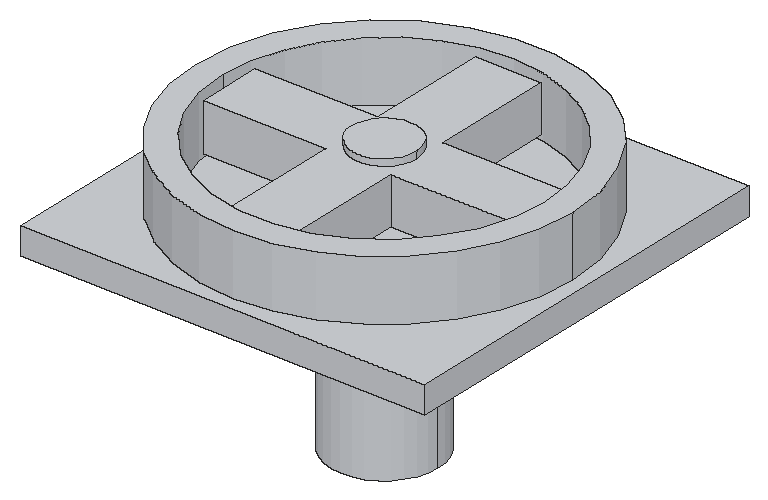
Revit family "e559647c8d6545bbb93ac4b77a7c281e", category Mechanical Equipment, host Face, Revit 2021
Family settings
  Host = Face
  Round Connector Dimension = Use Diameter
  Part Type = Normal
  OmniClass Number = 23.75.35.17
  OmniClass Title = Fans
  Seek Item ID = Propeller Fan-0000-USA-ENU
  Cut with Voids When Loaded = No
  Shared = No
  Room Calculation Point = No
Parameters (values of type "3400 CFM")
  Width 1 = 1' - 4"
  Voltage = 120 V
  Stem Radius = Stem Diameter / 2  # 0' - 2.4"
  Stem Diameter = Fan Diameter / 5  # 0' - 4.8"
  Load Classification = Cooling
  External Static Pressure [instance] = 0.25 in-wg
  Number of Poles = 1
  Motor Diameter = Fan Diameter / 3  # 0' - 8"
  Motor Radius = Motor Diameter / 2  # 0' - 4"
  Half Length = Frame Length / 2  # 1' - 3"
  Half Blade Length = Blade Length / 2  # 0' - 2.4"
  Frame Thickness = 0' - 2"
  Frame Length = 2' - 6"
  Frame Height = Frame Length  # 2' - 6"
  Fan Thickness = 0' - 4 1/2"
  Fan Radius = Fan Diameter / 2  # 1' - 0"
  Fan Material = none
  Fan Diameter = 2' - 0"
  Duct Width = Frame Length  # 30"
  Duct Height = Frame Height  # 30"
  Default Elevation = 4' - 0"
  Blade Length = Stem Diameter  # 0' - 4.8"
  Blade Height = Fan Diameter / 2 - 0' 0 1/2"  # 0' - 11 1/2"
  Apparent Load = 311 VA
  Air Flow [instance] = 3400 CFM
Types (8): name | Width 1 | Stem Radius | Stem Diameter | Motor Diameter | Motor Radius | Half Length | Half Blade Length | Frame Thickness | Frame Length | Frame Height | Fan Thickness | Fan Radius | Fan Diameter | Duct Width | Duct Height | Blade Length | Blade Height | Apparent Load | Air Flow
  (no name) | 1' - 4" | 0' - 2.4" | 0' - 4.8" | 0' - 8" | 0' - 4" | 1' - 3" | 0' - 2.4" | 0' - 2" | 2' - 6" | 2' - 6" | 0' - 4 1/2" | 1' - 0" | 2' - 0" | 30" | 30" | 0' - 4.8" | 0' - 11 1/2" | 311 VA | 3400 CFM
  3400 CFM | 1' - 4" | 0' - 2.4" | 0' - 4.8" | 0' - 8" | 0' - 4" | 1' - 3" | 0' - 2.4" | 0' - 2" | 2' - 6" | 2' - 6" | 0' - 4 1/2" | 1' - 0" | 2' - 0" | 30" | 30" | 0' - 4.8" | 0' - 11 1/2" | 311 VA | 3400 CFM
  5600 CFM | 1' - 6" | 0' - 3" | 0' - 6" | 0' - 10" | 0' - 5" | 1' - 6" | 0' - 3" | 0' - 2" | 3' - 0" | 3' - 0" | 0' - 4 3/4" | 1' - 3" | 2' - 6" | 36" | 36" | 0' - 6" | 1' - 2 1/2" | 466 VA | 5600 CFM
  10200 CFM | 2' - 1" | 0' - 3.6" | 0' - 7.2" | 1' - 0" | 0' - 6" | 1' - 9" | 0' - 3.6" | 0' - 2" | 3' - 6" | 3' - 6" | 0' - 4 1/2" | 1' - 6" | 3' - 0" | 42" | 42" | 0' - 7.2" | 1' - 5 1/2" | 933 VA | 10200 CFM
  14100 CFM | 2' - 1" | 0' - 4.2" | 0' - 8.4" | 1' - 2" | 0' - 7" | 2' - 0" | 0' - 4.2" | 0' - 2" | 4' - 0" | 4' - 0" | 0' - 4 3/4" | 1' - 9" | 3' - 6" | 48" | 48" | 0' - 8.4" | 1' - 8 1/2" | 1399 VA | 14100 CFM
  23400 CFM | 2' - 1" | 0' - 4.8" | 0' - 9.6" | 1' - 4" | 0' - 8" | 2' - 3" | 0' - 4.8" | 0' - 2 3/4" | 4' - 6" | 4' - 6" | 0' - 5 3/4" | 2' - 0" | 4' - 0" | 54" | 54" | 0' - 9.6" | 1' - 11 1/2" | 2798 VA | 23400 CFM
  33200 CFM | 2' - 1" | 0' - 5.4" | 0' - 10.8" | 1' - 6" | 0' - 9" | 2' - 6" | 0' - 5.4" | 0' - 2 3/4" | 5' - 0" | 5' - 0" | 0' - 5 3/4" | 2' - 3" | 4' - 6" | 60" | 60" | 0' - 10.8" | 2' - 2 1/2" | 4663 VA | 33200 CFM
  43900 CFM | 2' - 1" | 0' - 6" | 1' - 0" | 1' - 8" | 0' - 10" | 2' - 9" | 0' - 6" | 0' - 2 3/4" | 5' - 6" | 5' - 6" | 0' - 5 3/4" | 2' - 6" | 5' - 0" | 66" | 66" | 1' - 0" | 2' - 5 1/2" | 6994 VA | 43900 CFM
Reference planes (in)
  plane 1 "Center (Front/Back)": y = 0
  plane 2: z = 0
  plane 3 "Center (Left/Right)": x = 0
  plane 4: x = -15
  plane 5: x = 15
  plane 6: y = 30
  plane 7: z = -2
  plane 8: y = 15
  plane 9: z = 4.5
  plane 10: x = -2.4
  plane 11: x = 2.4
  plane 12: y = 26.5
  plane 13: y = 3.5
  plane 14: x = -11.5
  plane 15: x = 11.5
  plane 16: y = 17.4
  plane 17: y = 12.6
  plane 18: z = 4
  plane 19: z = 0.5
  plane 20: z = -16
  plane 21: z = -3
Forms (in)
  Extrusion 1, void
    sketch origin (0, 0, 0) x (1, 0, 0) y (0, 1, 0)
      loop
        line (-15, 0) -> (15, 0) -> (15, 30) -> (-15, 30) -> (-15, 0)
    from 0 to -2
  Extrusion 2, void
    sketch origin (0, 0, 0) x (1, 0, 0) y (0, 1, 0)
      loop
        circle (0, 15) r 12
    from 0 to 4.5
  Extrusion 3, solid, material <- "Fan Material"
    sketch origin (0, 0, 0) x (1, 0, 0) y (0, 1, 0)
      loop
        circle (0, 15) r 14
    from 0 to 4.5
  Extrusion 4, solid, material <- "Fan Material"
    sketch origin (0, 0, 0) x (1, 0, 0) y (0, 1, 0)
      loop
        line (2.4, 26.5) -> (-2.4, 26.5) -> (-2.4, 17.4) -> (-11.5, 17.4) -> (-11.5, 12.6) -> (-2.4, 12.6) -> (-2.4, 3.5) -> (2.4, 3.5) -> (2.4, 12.6) -> (11.5, 12.6) -> (11.5, 17.4) -> (2.4, 17.4) -> (2.4, 26.5)
    from 0.5 to 4
  Extrusion 5, solid, material <- "Fan Material"
    sketch origin (0, 0, 0) x (1, 0, 0) y (0, 1, 0)
      loop
        circle (0, 15) r 2.4
    from 4.5 to -3
  Extrusion 6, solid, material <- "Fan Material"
    sketch origin (0, 0, 0) x (1, 0, 0) y (0, 1, 0)
      loop
        circle (0, 15) r 4
    from -3 to -16
  Extrusion 7, solid, material <- "Fan Material"
    sketch origin (0, 0, 0) x (1, 0, 0) y (0, 1, 0)
      loop
        line (-15, 0) -> (15, 0) -> (15, 30) -> (-15, 30) -> (-15, 0)
    from 0 to -2
Cuts and joins
  Extrusion 2 cuts Extrusion 3
  joined: Extrusion 3, Extrusion 4, Extrusion 5, Extrusion 6, Extrusion 7
Dimensions and locks (in)
  "Half Length": plane 5 to plane 3 "Center (Left/Right)"
  "Half Length": plane 4 to plane 3 "Center (Left/Right)"
  "Frame Height": plane 6 to plane 1 "Center (Front/Back)"
  "Frame Thickness": plane 2 to plane 7
  equal spacing: plane 1 "Center (Front/Back)", plane 8, plane 6
  "Fan Thickness": plane 9 to plane 2
  "Half Blade Length": plane 10 to plane 3 "Center (Left/Right)"
  "Half Blade Length": plane 3 "Center (Left/Right)" to plane 11
  "Blade Height": plane 12 to plane 8
  "Blade Height": plane 13 to plane 8
  "Blade Height": plane 14 to plane 3 "Center (Left/Right)"
  "Blade Height": plane 3 "Center (Left/Right)" to plane 15
  "Half Blade Length": plane 16 to plane 8
  "Half Blade Length": plane 8 to plane 17
  locked: plane 19 to plane 2 at 0.5
  locked: plane 9 to plane 18 at 0.5
  "Width 1": plane 2 to plane 20
  locked: plane 7 to plane 21 at 1
  "Fan Radius": radius of Extrusion 2 sketch curve
  "Stem Radius": radius of Extrusion 5 sketch curve
  "Motor Radius": radius of Extrusion 6 sketch curve
  aligned and locked: plane 2 to host face
  aligned and locked: level to host face
  aligned and locked: plane 4 to Extrusion 1 sketch curve
  aligned and locked: plane 1 "Center (Front/Back)" to Extrusion 1 sketch curve
  aligned and locked: plane 6 to Extrusion 1 sketch curve
  aligned and locked: plane 5 to Extrusion 1 sketch curve
  aligned and locked: plane 3 "Center (Left/Right)" to Extrusion 2 sketch curve
  aligned and locked: plane 8 to Extrusion 2 sketch curve
  aligned and locked: Extrusion 1 to plane 2
  aligned and locked: Extrusion 1 to plane 7
  aligned and locked: Extrusion 2 to plane 2
  aligned and locked: plane 9 to Extrusion 2
  aligned and locked: plane 3 "Center (Left/Right)" to Extrusion 3 sketch curve
  aligned and locked: plane 8 to Extrusion 3 sketch curve  (x2)
  aligned and locked: Extrusion 3 to plane 2
  aligned and locked: plane 9 to Extrusion 3
  aligned and locked: Extrusion 4 sketch curve to plane 10  (x2)
  aligned and locked: plane 12 to Extrusion 4 sketch curve
  aligned and locked: Extrusion 4 sketch curve to plane 13
  aligned and locked: plane 11 to Extrusion 4 sketch curve  (x2)
  aligned and locked: plane 16 to Extrusion 4 sketch curve  (x2)
  aligned and locked: Extrusion 4 sketch curve to plane 14
  aligned and locked: plane 15 to Extrusion 4 sketch curve
  aligned and locked: Extrusion 4 sketch curve to plane 17  (x2)
  aligned and locked: plane 18 to Extrusion 4
  aligned and locked: Extrusion 4 to plane 19
  aligned and locked: plane 3 "Center (Left/Right)" to Extrusion 5 sketch curve
  aligned and locked: plane 8 to Extrusion 5 sketch curve
  aligned and locked: Extrusion 5 to plane 21
  aligned and locked: plane 9 to Extrusion 5
  aligned and locked: plane 3 "Center (Left/Right)" to Extrusion 6 sketch curve
  aligned and locked: plane 8 to Extrusion 6 sketch curve
  aligned and locked: Extrusion 6 to plane 21
  aligned and locked: Extrusion 6 to plane 20
  aligned and locked: plane 4 to Extrusion 7 sketch curve
  aligned and locked: plane 1 "Center (Front/Back)" to Extrusion 7 sketch curve
  aligned and locked: plane 6 to Extrusion 7 sketch curve
  aligned and locked: plane 5 to Extrusion 7 sketch curve
  aligned and locked: Extrusion 7 to plane 7
  aligned and locked: plane 2 to Extrusion 7
Automatic sketch dimensions
  plane 4 to Extrusion 3 sketch curve = 0' - 1"
  host sketch curve to host sketch curve = 5' - 2.68425"
  host sketch curve to host sketch curve = 8' - 0"
Connectors (in)
  hvac at (0, 15, 0), driven by "Duct Height", driven by "Duct Width", driven by "Air Flow", driven by "External Static Pressure"
    settings: on cut or joined group of Extrusion 2, Extrusion 3, Extrusion 4, Extrusion 5, Extrusion 6, Extrusion 7, index 1, duct flow 3400 CFM, flow factor 0, pres drop 0.25 in-wg, loss coef 0, conn angle 0.00°, conn width 30", conn height 30", conn diameter 24", duct sys type 3, conn prof type 1, flow config 0, flow direction 1, loss method 0, conn ref index -1, conn util no, is conn primary yes, conn desc ""
  electrical at (15, 15, -1), driven by "Apparent Load", driven by "Voltage", driven by "Number of Poles", driven by "Load Classification"
    settings: on cut or joined group of Extrusion 2, Extrusion 3, Extrusion 4, Extrusion 5, Extrusion 6, Extrusion 7, index 2, voltage 120 V, apparent load 311 VA, apparent load phase1 0 VA, apparent load phase2 0 VA, apparent load phase3 0 VA, power factor 0.8, load classification "Cooling", number of poles 1, system type 30, power factor state 1, is connector primary yes, connector utility no, sub classification motor no, connector description ""
